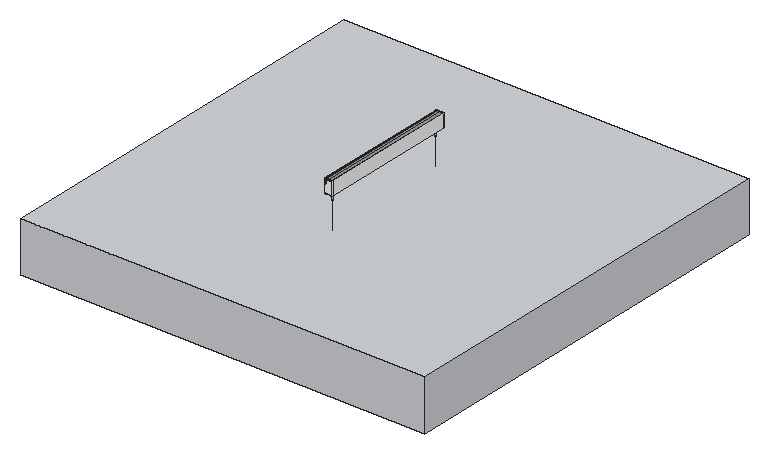
Revit family "LAMP_FIL 45 840MM OPAL COMFORT SUSPENDED", category Luminarias, Revit 2018
Family settings
  Anfitrión = Cara
  Cota de conector redondo = Diámetro de uso
  Tipo de pieza = Normal
  Corte con vacíos al cargar = No
  Origen de luz = Sí
  Compartido = No
  Punto de cálculo de habitación = No
Parameters (values of type "1950LM 3000K  BLACK")
  Ángulo de inclinación = -90.00°
  Weight = 1.85 kg
  Wattage = 13.3 W
  UGR = "18"
  Type = "MID POWER TRIDONIC"
  built-in parameter 1150107 = 3000 (stored number, unit not read)
  Suspension distance [instance] = if(Suspension > 4000 mm, 4000 mm, if(Suspension < 1 mm, 1 mm, Suspension))  # 200 mm
  Suspension [instance] = 200 mm
  built-in parameter 1150110 = 1 (stored number, unit not read)
  built-in parameter 1150109 = 1 (stored number, unit not read)
  built-in parameter 1150112 = 1 (stored number, unit not read)
  built-in parameter 1150113 = 1 (stored number, unit not read)
  built-in parameter 1114218 = 1 (stored number, unit not read)
  Protection rating = "IP20 / IK07"
  Product datasheet = "http://www.lamp.es/product-files/TECH/F41SF084MOPR830NB-EN.pdf"
  Product code = "F41SF084MOPR830NB"
  Product URL = "https://www.lamp.es/en/family/fil-45_413951"
  Power Supply = "220-240V 50/60Hz"
  Power = 12 W
  Plum = 13.3 W
  Photobiological risk = ""
  NOT COVER 2 [instance] = not(END COVER 2)  # no
  NOT COVER 1 [instance] = not(END COVER 1)  # no
  built-in parameter 1150137 = (empty or 0)
  built-in parameter 1150132 = 2
  Modelo = Product code  # "F41SF084MOPR830NB"
  Model Explanation = ""
  Material suspension = LAMP_Acero genérico
  Material perfil = LAMP_Aluminio Perfil Fil NG
  Material difusor = LAMP_PC Difusor Opal Fil
  Manufacturer name = "LAMP"
  Manufacturer country = "Spain"
  Manufacturer URL = "http://www.lamp.es/en"
  MacAdam = "3"
  Longitud de línea de emisión = 840 mm
  Last update = "17/03/2021"
  Lamp = "MID-POWER LED"
  LED Lifetime = "70.000 L80 B10"
  built-in parameter 1150105 = 476.58 (stored number, unit not read)
  built-in parameter 1150102 = (empty or 0)
  Insulation class = "I"
  Installation instructions = "https://www.lamp.es/product-files/INS/1004580-C%20INSTR.%20FIL45.pdf"
  built-in parameter 1150106 = 4.7658 (stored number, unit not read)
  IEE = "A+"
  Gear = "Electronic"
  Lumens = 1252.86 lm
  Finish = "Matte black RAL 9011"
  Color Filter = 16777215
  built-in parameter 1114217 = 1 (stored number, unit not read)
  built-in parameter 1150139 = (empty or 0)
  Fabricante = Manufacturer name  # "LAMP"
  Default Elevation = 1219.2 mm
  built-in parameter 1150104 = 8.7515 (stored number, unit not read)
  Efficacy = 94.2 lm/W
  END COVER 2 [instance] = yes
  END COVER 1 [instance] = yes
  Dimensions = "840x45x80"
  Descripción = "FIL45 SUR 840 1950 WW OP COMF BK."
  built-in parameter 1150115 = 1 (stored number, unit not read)
  built-in parameter 1150114 = 1 (stored number, unit not read)
  built-in parameter 1150138 = (empty or 0)
  built-in parameter 1150134 = 3
  Dimming Lamp Color Temperature Shift = (empty or 0)
  CRI = "80"
  Archivo de red fotométrica = "F41SF084MOPR830NB.IES"
  built-in parameter 1150133 = 10 (stored number, unit not read)
Types (12, lengths in mm): name | Weight | built-in parameter 1150107 | Product datasheet | Product code | Modelo | Material perfil | built-in parameter 1150105 | built-in parameter 1150106 | Lumens | Finish | built-in parameter 1150104 | Efficacy | Descripción | Archivo de red fotométrica
  1950LM 3000K DALI BLACK | 1.982 kg | 3000 (stored number, unit not read) | "http://www.lamp.es/product-files/TECH/F41SF084MOPR830DB-EN.pdf" | "F41SF084MOPR830DB" | "F41SF084MOPR830DB" | LAMP_Aluminio Perfil Fil NG | 476.58 (stored number, unit not read) | 4.7658 (stored number, unit not read) | 1252.86 lm | "Matte black RAL 9011" | 8.7515 (stored number, unit not read) | 94.2 lm/W | "FIL45 SUR 840 1950 WW OP COMF DALI BK." | "F41SF084MOPR830nB.IES"
  1950LM 3000K DALI GREY | 1.982 kg | 3000 (stored number, unit not read) | "http://www.lamp.es/product-files/TECH/F41SF084MOPR830DG-EN.pdf" | "F41SF084MOPR830DG" | "F41SF084MOPR830DG" | LAMP_Aluminio Perfil Fil GR | 476.58 (stored number, unit not read) | 4.7658 (stored number, unit not read) | 1252.86 lm | "Gloss grey" | 8.7515 (stored number, unit not read) | 94.2 lm/W | "FIL45 SUR 840 1950 WW OP COMF DALI GR." | "F41SF084MOPR830nG.IES"
  1950LM 3000K DALI WHITE | 1.982 kg | 3000 (stored number, unit not read) | "http://www.lamp.es/product-files/TECH/F41SF084MOPR830DW-EN.pdf" | "F41SF084MOPR830DW" | "F41SF084MOPR830DW" | LAMP_Aluminio Perfil Fil BL | 476.58 (stored number, unit not read) | 4.7658 (stored number, unit not read) | 1252.86 lm | "Matte white RAL 9010" | 8.7515 (stored number, unit not read) | 94.2 lm/W | "FIL45 SUR 840 1950 WW OP COMF DALI WH." | "F41SF084MOPR830nW.IES"
  1950LM 3000K  BLACK | 1.85 kg | 3000 (stored number, unit not read) | "http://www.lamp.es/product-files/TECH/F41SF084MOPR830NB-EN.pdf" | "F41SF084MOPR830NB" | "F41SF084MOPR830NB" | LAMP_Aluminio Perfil Fil NG | 476.58 (stored number, unit not read) | 4.7658 (stored number, unit not read) | 1252.86 lm | "Matte black RAL 9011" | 8.7515 (stored number, unit not read) | 94.2 lm/W | "FIL45 SUR 840 1950 WW OP COMF BK." | "F41SF084MOPR830NB.IES"
  1950LM 3000K  GREY | 1.85 kg | 3000 (stored number, unit not read) | "http://www.lamp.es/product-files/TECH/F41SF084MOPR830NG-EN.pdf" | "F41SF084MOPR830NG" | "F41SF084MOPR830NG" | LAMP_Aluminio Perfil Fil GR | 476.58 (stored number, unit not read) | 4.7658 (stored number, unit not read) | 1252.86 lm | "Gloss grey" | 8.7515 (stored number, unit not read) | 94.2 lm/W | "FIL45 SUR 840 1950 WW OP COMF GR." | "F41SF084MOPR830NG.IES"
  1950LM 3000K  WHITE | 1.85 kg | 3000 (stored number, unit not read) | "http://www.lamp.es/product-files/TECH/F41SF084MOPR830NW-EN.pdf" | "F41SF084MOPR830NW" | "F41SF084MOPR830NW" | LAMP_Aluminio Perfil Fil BL | 476.58 (stored number, unit not read) | 4.7658 (stored number, unit not read) | 1252.86 lm | "Matte white RAL 9010" | 8.7515 (stored number, unit not read) | 94.2 lm/W | "FIL45 SUR 840 1950 WW OP COMF WH." | "F41SF084MOPR830NW.IES"
  1950LM 4000K DALI BLACK | 1.982 kg | 4000 (stored number, unit not read) | "http://www.lamp.es/product-files/TECH/F41SF084MOPR840DB-EN.pdf" | "F41SF084MOPR840DB" | "F41SF084MOPR840DB" | LAMP_Aluminio Perfil Fil NG | 500.41 (stored number, unit not read) | 5.0041 (stored number, unit not read) | 1315.5 lm | "Matte black RAL 9011" | 9.189 (stored number, unit not read) | 98.91 lm/W | "FIL45 SUR 840 1950 NW OP COMF DALI BK." | "F41SF084MOPR840nB.IES"
  1950LM 4000K DALI GREY | 1.982 kg | 4000 (stored number, unit not read) | "http://www.lamp.es/product-files/TECH/F41SF084MOPR840DG-EN.pdf" | "F41SF084MOPR840DG" | "F41SF084MOPR840DG" | LAMP_Aluminio Perfil Fil GR | 500.41 (stored number, unit not read) | 5.0041 (stored number, unit not read) | 1315.5 lm | "Gloss grey" | 9.189 (stored number, unit not read) | 98.91 lm/W | "FIL45 SUR 840 1950 NW OP COMF DALI GR." | "F41SF084MOPR840nG.IES"
  1950LM 4000K DALI WHITE | 1.982 kg | 4000 (stored number, unit not read) | "http://www.lamp.es/product-files/TECH/F41SF084MOPR840DW-EN.pdf" | "F41SF084MOPR840DW" | "F41SF084MOPR840DW" | LAMP_Aluminio Perfil Fil BL | 500.41 (stored number, unit not read) | 5.0041 (stored number, unit not read) | 1315.5 lm | "Matte white RAL 9010" | 9.189 (stored number, unit not read) | 98.91 lm/W | "FIL45 SUR 840 1950 NW OP COMF DALI WH." | "F41SF084MOPR840nW.IES"
  1950LM 4000K  BLACK | 1.85 kg | 4000 (stored number, unit not read) | "http://www.lamp.es/product-files/TECH/F41SF084MOPR840NB-EN.pdf" | "F41SF084MOPR840NB" | "F41SF084MOPR840NB" | LAMP_Aluminio Perfil Fil NG | 496.31 (stored number, unit not read) | 4.9631 (stored number, unit not read) | 1304.73 lm | "Matte black RAL 9011" | 9.1138 (stored number, unit not read) | 98.91 lm/W | "FIL45 SUR 840 1950 NW OP COMF BK." | "F41SF084MOPR840NB.IES"
  1950LM 4000K  GREY | 1.85 kg | 4000 (stored number, unit not read) | "http://www.lamp.es/product-files/TECH/F41SF084MOPR840NG-EN.pdf" | "F41SF084MOPR840NG" | "F41SF084MOPR840NG" | LAMP_Aluminio Perfil Fil GR | 496.31 (stored number, unit not read) | 4.9631 (stored number, unit not read) | 1304.73 lm | "Gloss grey" | 9.1138 (stored number, unit not read) | 98.91 lm/W | "FIL45 SUR 840 1950 NW OP COMF GR." | "F41SF084MOPR840NG.IES"
  1950LM 4000K  WHITE | 1.85 kg | 4000 (stored number, unit not read) | "http://www.lamp.es/product-files/TECH/F41SF084MOPR840NW-EN.pdf" | "F41SF084MOPR840NW" | "F41SF084MOPR840NW" | LAMP_Aluminio Perfil Fil BL | 500.41 (stored number, unit not read) | 5.0041 (stored number, unit not read) | 1315.5 lm | "Matte white RAL 9010" | 9.189 (stored number, unit not read) | 98.91 lm/W | "FIL45 SUR 840 1950 NW OP COMF WH." | "F41SF084MOPR840NW.IES"
Reference planes
  plane 1 "Centro (Frontal/Posterior)": y = 0
  plane 2: z = 0
  plane 3 "Centro (Izquierda/Derecha)": x = 0
Forms (mm)
  Extrusion 1, solid
    sketch origin (0, 0, 0) x (1, 0, 0) y (0, 1, 0)
      loop
        line (-1219.2, 1219.2) -> (-1219.2, -1219.2) -> (1219.2, -1219.2) -> (1219.2, 1219.2) -> (-1219.2, 1219.2)
    from 0 to -304.8
  Extrusion 2, solid, material "LAMP_Aluminio Perfil Fil NG" <- "Material perfil"
    sketch origin (0, 0, 0) x (1, 0, 0) y (0, 0, 1)
      loop
        arc (22.5, 285.7) -> (21.5, 286.7) -> (20.5, 285.7) r 1
        line (20.5, 285.7) -> (20.5, 284.2) -> (17.8, 284.2) -> (17.8, 259) -> (0, 259) -> (-17.8, 259) -> (-17.8, 284.2) -> (-20.5, 284.2) -> (-20.5, 285.7)
        arc (-20.5, 285.7) -> (-21.5, 286.7) -> (-22.5, 285.7) r 1
        line (-22.5, 285.7) -> (-22.5, 206.5) -> (-20.7, 206.5) -> (-20.7, 210) -> (-12.5, 210) -> (-12.5, 208) -> (-14.8, 208) -> (-14.5, 206.5) -> (-11, 206.5) -> (-11, 214.5) -> (0, 214.5) -> (11, 214.5) -> (11, 206.5) -> (14.5, 206.5) -> (14.8, 208) -> (12.5, 208) -> (12.5, 210) -> (20.7, 210) -> (20.7, 206.5) -> (22.5, 206.5) -> (22.5, 285.7)
    from -420 to 420
  Extrusion 3, solid, material "LAMP_Acero genérico" <- "Material suspension"
    sketch origin (0, 0, 0) x (1, 0, 0) y (0, 0, 1)
      loop
        line (-12.5, 201) -> (-15.291, 208.272) -> (-12.823, 210) -> (-13.823, 210) -> (-16.291, 208.272) -> (-13.116, 200) -> (0, 200) -> (13.116, 200) -> (16.291, 208.272) -> (13.823, 210) -> (12.823, 210) -> (15.291, 208.272) -> (12.5, 201) -> (0, 201) -> (-12.5, 201)
    from -400 to -378
  Extrusion 4, solid, material "LAMP_Acero genérico" <- "Material suspension"
    sketch origin (0, -24, 0) x (1, 0, 0) y (0, 1, 0)
      loop
        circle (0, -365) r 5
    from 163.2 to 200
  Extrusion 5, solid, material "LAMP_Acero genérico" <- "Material suspension"
    sketch origin (0, 24, 0) x (1, 0, 0) y (0, 1, 0)
      loop
        circle (0, 365) r 5
    from 163.2 to 200
  Extrusion 6, solid, material "LAMP_Acero genérico" <- "Material suspension"
    sketch origin (0, 0, 0) x (1, 0, 0) y (0, 1, 0)
      loop
        circle (0, -389) r 1
    from 0 to 163.2
  Extrusion 7, solid, material "LAMP_Acero genérico" <- "Material suspension"
    sketch origin (0, 0, 0) x (1, 0, 0) y (0, 1, 0)
      loop
        circle (0, 389) r 1
    from 0 to 163.2
  Extrusion 8, solid, material "LAMP_PC Difusor Opal Fil" <- "Material difusor"
    sketch origin (0, 0, 0) x (1, 0, 0) y (0, 0, 1)
      loop
        line (-20.5, 284.2) -> (0, 284.2) -> (20.5, 284.2) -> (20.5, 286.7) -> (0, 286.7) -> (-20.5, 286.7) -> (-20.5, 284.2)
    from 420 to -420
  Extrusion 9, solid, material "LAMP_Acero genérico" <- "Material suspension"
    sketch origin (0, 0, 0) x (1, 0, 0) y (0, 0, -1)
      loop
        line (-12.5, -201) -> (0, -201) -> (12.5, -201) -> (15.291, -208.272) -> (12.823, -210) -> (13.823, -210) -> (16.291, -208.272) -> (13.116, -200) -> (0, -200) -> (-13.116, -200) -> (-16.291, -208.272) -> (-13.823, -210) -> (-12.823, -210) -> (-15.291, -208.272) -> (-12.5, -201)
    from -400 to -378
  Extrusion 10, solid, material "LAMP_PC Difusor Opal Fil" <- "Material difusor"
    sketch origin (0, 0, 0) x (1, 0, 0) y (0, 0, 1)
      loop
        line (-11, 214.5) -> (-11, 206.5) -> (-7.529, 206.5) -> (11, 206.5) -> (11, 214.5) -> (10, 214.5) -> (10, 207.5) -> (-10, 207.5) -> (-10, 214.5) -> (-11, 214.5)
    from 420 to -420
Lines and regions (mm)
  reference lines
    curve 1: line (0, -445.47, 200) -> (0, 544.53, 200)
Text (mm)
  text "Any modification of the parameters and properties of the LAMP BIM models must be executed and validated by the LAMP technical department.\nPhone: +34 93 736 68 00\nE-mail: lamp@lamp.es\n\nLAMP reserves the right to modify the technical specifications of its products." at (3279.264, 5298.162, -2684.539), in view "Preview"
Dimensions and locks
  "Suspension distance": level to curve 1
  locked: Extrusion 4 to Extrusion 4 at 36.8
  locked: Extrusion 5 to Extrusion 5 at 36.8
  aligned and locked: plane 2 to Extrusion 1
  aligned and locked: level to Extrusion 1
  aligned and locked: Extrusion 8 to Extrusion 2  (x2)
  aligned and locked: curve 1 to Extrusion 9
  aligned and locked: curve 1 to Extrusion 3
  aligned and locked: Extrusion 4 to curve 1
  aligned and locked: Extrusion 5 to curve 1
  aligned and locked: Extrusion 6 to Extrusion 4
  aligned and locked: Extrusion 7 to Extrusion 5
  aligned and locked: Extrusion 2 to Extrusion 9  (x2)
  aligned and locked: imposter light to Extrusion 8
  aligned and locked: Extrusion 10 to Extrusion 2
  aligned and locked: nested 1 to Extrusion 2  (x2)
  aligned and locked: nested 2 to Extrusion 2
Automatic sketch dimensions
  Extrusion 1 sketch curve to Extrusion 1 sketch curve = 2438.4 mm  (x2)
  Extrusion 3 sketch curve to plane 3 "Centro (Izquierda/Derecha)" = 0 mm  (x2)
  Extrusion 3 sketch curve to Extrusion 3 sketch curve = 12.5 mm
  Extrusion 3 sketch curve to Extrusion 3 sketch curve = 0.323 mm  (x2)
  Extrusion 3 sketch curve to Extrusion 3 sketch curve = 0.616 mm  (x2)
  Extrusion 3 sketch curve to Extrusion 3 sketch curve = 1 mm  (x5)
  Extrusion 3 sketch curve to Extrusion 3 sketch curve = 1.468 mm  (x2)
  plane 3 "Centro (Izquierda/Derecha)" to Extrusion 3 sketch curve = 12.5 mm
  level to Extrusion 3 sketch curve = 200 mm
  Extrusion 3 sketch curve to Extrusion 3 sketch curve = 7.272 mm  (x2)
  Extrusion 3 sketch curve to Extrusion 3 sketch curve = 0 mm  (x2)
  Extrusion 3 sketch curve to Extrusion 3 sketch curve = 1.728 mm  (x2)
  Extrusion 4 sketch curve to plane 3 "Centro (Izquierda/Derecha)" = 0 mm
  plane 1 "Centro (Frontal/Posterior)" to Extrusion 4 sketch curve = 389 mm
  Extrusion 5 sketch curve to plane 3 "Centro (Izquierda/Derecha)" = 0 mm
  plane 1 "Centro (Frontal/Posterior)" to Extrusion 5 sketch curve = 389 mm
  Extrusion 6 sketch curve to plane 3 "Centro (Izquierda/Derecha)" = 0 mm
  plane 1 "Centro (Frontal/Posterior)" to Extrusion 6 sketch curve = 389 mm
  Extrusion 7 sketch curve to plane 3 "Centro (Izquierda/Derecha)" = 0 mm
  plane 1 "Centro (Frontal/Posterior)" to Extrusion 7 sketch curve = 389 mm
  Extrusion 2 sketch curve to plane 3 "Centro (Izquierda/Derecha)" = 0 mm  (x2)
  Extrusion 2 sketch curve to plane 3 "Centro (Izquierda/Derecha)" = 11 mm
  Extrusion 2 sketch curve to Extrusion 2 sketch curve = 1.5 mm  (x6)
  Extrusion 2 sketch curve to Extrusion 2 sketch curve = 2 mm  (x2)
  Extrusion 2 sketch curve to Extrusion 2 sketch curve = 0.3 mm  (x2)
  Extrusion 2 sketch curve to Extrusion 2 sketch curve = 17.8 mm
  Extrusion 2 sketch curve to Extrusion 2 sketch curve = 2.7 mm  (x2)
  Extrusion 2 sketch curve to Extrusion 2 sketch curve = 5.9 mm  (x2)
  Extrusion 2 sketch curve to Extrusion 2 sketch curve = 1 mm  (x2)
  plane 3 "Centro (Izquierda/Derecha)" to Extrusion 2 sketch curve = 11 mm
  plane 3 "Centro (Izquierda/Derecha)" to Extrusion 2 sketch curve = 17.8 mm
  level to Extrusion 2 sketch curve = 206.5 mm
  Extrusion 2 sketch curve to Extrusion 2 sketch curve = 0 mm  (x3)
  Extrusion 2 sketch curve to Extrusion 2 sketch curve = 3.5 mm  (x2)
  Extrusion 2 sketch curve to Extrusion 2 sketch curve = 4.5 mm
  Extrusion 2 sketch curve to Extrusion 2 sketch curve = 44.5 mm
  Extrusion 2 sketch curve to Extrusion 2 sketch curve = 25.2 mm  (x2)
  Extrusion 8 sketch curve to plane 3 "Centro (Izquierda/Derecha)" = 0 mm  (x2)
  Extrusion 8 sketch curve to Extrusion 8 sketch curve = 20.5 mm
  plane 3 "Centro (Izquierda/Derecha)" to Extrusion 8 sketch curve = 20.5 mm
  level to Extrusion 8 sketch curve = 284.2 mm
  Extrusion 8 sketch curve to Extrusion 8 sketch curve = 2.5 mm
  Extrusion 9 sketch curve to plane 3 "Centro (Izquierda/Derecha)" = 0 mm  (x2)
  Extrusion 9 sketch curve to Extrusion 9 sketch curve = 12.5 mm
  Extrusion 9 sketch curve to Extrusion 9 sketch curve = 0.323 mm  (x2)
  Extrusion 9 sketch curve to Extrusion 9 sketch curve = 0.616 mm  (x2)
  Extrusion 9 sketch curve to Extrusion 9 sketch curve = 1 mm  (x5)
  Extrusion 9 sketch curve to Extrusion 9 sketch curve = 1.468 mm  (x2)
  plane 3 "Centro (Izquierda/Derecha)" to Extrusion 9 sketch curve = 12.5 mm
  level to Extrusion 9 sketch curve = 210 mm
  Extrusion 9 sketch curve to Extrusion 9 sketch curve = 0 mm  (x3)
  Extrusion 9 sketch curve to Extrusion 9 sketch curve = 1.728 mm  (x2)
  Extrusion 9 sketch curve to Extrusion 9 sketch curve = 7.272 mm
  Extrusion 10 sketch curve to plane 3 "Centro (Izquierda/Derecha)" = 11 mm
  Extrusion 10 sketch curve to Extrusion 10 sketch curve = 1 mm  (x3)
  Extrusion 10 sketch curve to Extrusion 10 sketch curve = 2.471 mm
  plane 3 "Centro (Izquierda/Derecha)" to Extrusion 10 sketch curve = 10 mm
  level to Extrusion 10 sketch curve = 206.5 mm
  Extrusion 10 sketch curve to Extrusion 10 sketch curve = 7 mm  (x2)
  plane 1 "Centro (Frontal/Posterior)" to curve 1 = 445.47 mm
  curve 1 to plane 1 "Centro (Frontal/Posterior)" = 544.53 mm
  radius of Extrusion 4 sketch curve = 5 mm
  radius of Extrusion 5 sketch curve = 5 mm
  radius of Extrusion 6 sketch curve = 1 mm
  radius of Extrusion 7 sketch curve = 1 mm
Nested families
  nested 1: "LAMP_FIL 45 END COVER SURFACE" at (0, -421, 206.5), visible <- "END COVER 1", type "LAMP_FIL 45 END COVER SURFACE"
  nested 2: "LAMP_FIL 45 END COVER SURFACE" at (0, 421, 206.5), visible <- "END COVER 2", type "LAMP_FIL 45 END COVER SURFACE"
Connectors
  electrical at (0, 389, 200)
    settings: on Extrusion 5, index 1, voltage 230 V, apparent load 0 VA, apparent load phase1 0 VA, apparent load phase2 0 VA, apparent load phase3 0 VA, power factor 1, load classification "Otro", number of poles 1, system type 31, power factor state 1, is connector primary yes, connector utility no, sub classification motor no, connector description ""
Definition of nested family "LAMP_FIL 45 END COVER SURFACE"
  Parameters (values of type "Blanco")
    Material tapa = none
  Reference planes
    plane 1 "Centro (Frontal/Posterior)": y = 0
    plane 2: z = 0
    plane 3 "Centro (Izquierda/Derecha)": x = 0
  Forms (mm)
    Extrusion 1, solid, material <- "Material tapa"
      sketch origin (0, 0, 0) x (0, -1, 0) y (0, 0, 1)
        loop
          line (0, 0) -> (1, 0) -> (1, 80) -> (-1, 80) -> (-1, 0) -> (0, 0)
      from -22.5 to 22.5
  Dimensions and locks
    aligned and locked: level to plane 2
